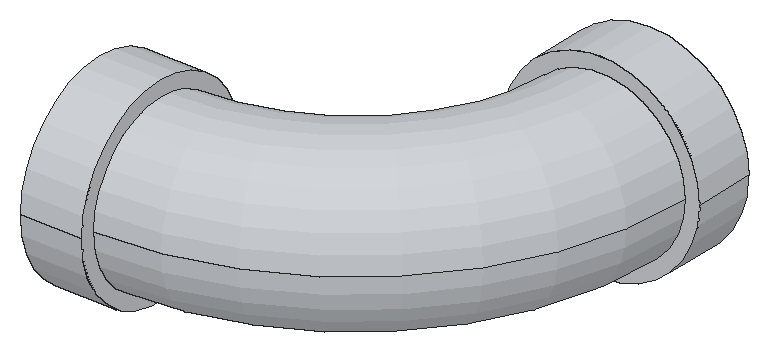
Revit family "M_Curva longa - PVC - Sch 40 - DWV", category Conexões de tubo, Revit 2019
Family settings
  Cota do conector redondo = Usar raio
  Tipo de parte = Cotovelo
  Número OmniClass = 23.60.30.11.14
  Título OmniClass = Pipework Fittings
  ID de item do Seek = Bend Long Sweep - PVC - Sch 40 - DWV-0000-CAN-ENU
  Com base no plano de trabalho = Não
  Sempre na vertical = Sim
  Corte com vazios quando carregada = Não
  Compartilhado = Não
Parameters (values of type "Padrão")
  Espessura da parede [instance] = size_lookup(Nome da tabela de pesquisa, "WThk", 0.02 * Diâmetro nominal + 3.274 mm, Diâmetro nominal)  # 3.962 mm
  Tamanho da marca de revisão [instance] = Diâmetro externo da conexão * 0.4  # 19.304 mm
  Método de perda = Não definido
  Nome da tabela de pesquisa = "M_Bend Long Sweep - PVC - Sch 40 - DWV"
  Comprimento 4 [instance] = Comprimento 1 * sin(Ângulo)  # 87.3 mm
  Comprimento 3 [instance] = Comprimento 1 * cos(Ângulo) + Comprimento 1 - Profundidade do soquete  # 69.85 mm
  Raio externo da conexão [instance] = Diâmetro externo da conexão / 2  # 24.13 mm
  Diâmetro externo da conexão [instance] = size_lookup(Nome da tabela de pesquisa, "FOD", 1.04 * Diâmetro nominal + 9.128 mm, Diâmetro nominal)  # 48.26 mm
  Comprimento 2 [instance] = (Raio externo da conexão + 0.794 mm) * tan(Ângulo / 2) + Profundidade do soquete  # 42.374 mm
  Raio nominal [instance] = 20 mm
  Diâmetro nominal [instance] = Raio nominal * 2  # 40 mm
  Diâmetro da entrada do soquete [instance] = size_lookup(Nome da tabela de pesquisa, "SED", 1.04 * Diâmetro nominal + 9.426 mm, Diâmetro nominal)  # 48.641 mm
  Comprimento 1 [instance] = if(Centro ao final > Raio externo da conexão * tan(Ângulo / 2) + Profundidade do soquete, Centro ao final, Comprimento 2)  # 87.3 mm
  Centro para inferior do soquete [instance] = size_lookup(Nome da tabela de pesquisa, "CtSB", 1.36 * Diâmetro nominal + 8.136 mm, Diâmetro nominal)  # 69.85 mm
  Centro ao final [instance] = Centro para inferior do soquete + Profundidade do soquete  # 87.3 mm
  Raio do centro [instance] = (Comprimento 1 - Profundidade do soquete) / tan(Ângulo / 2)  # 69.85 mm
  Profundidade do soquete [instance] = size_lookup(Nome da tabela de pesquisa, "SDpt", 0.5 * Diâmetro nominal, Diâmetro nominal)  # 17.45 mm
  Raio externo do soquete [instance] = Diâmetro externo do soquete / 2  # 28.283 mm
  Diâmetro externo do soquete [instance] = Diâmetro da entrada do soquete + Espessura da parede * 2  # 56.566 mm
  Assembly Code = ""
  Ângulo [instance] = 90.00°
Reference planes
  plane 1 "Centro (Frente/Trás)": y = 0
  plane 2: z = 0
  plane 3 "Centro (Esquerda/Direita)": x = 0
  plane 4: x = -69.85
  plane 5: x = -87.3
  plane 6: y = 69.85
  plane 7: y = 19.304
  plane 8: y = -19.304
  plane 9: y = 87.3
  plane 10: x = 0
Forms (mm)
  Sweep 1, solid, detail levels fine
    path in 3D
      loop
        arc (-69.85, 0, 0) -> (-20.459, 20.459, 0) -> (0, 69.85, 0) r 69.85
    profile origin (-20.459, 20.459, 0) x (-0.707107, 0.707107, 0) y (0, 0, 1)
      loop
        circle (0, 0) r 24.13
  Sweep 2, solid, detail levels fine
    path in 3D
      loop
        line (-87.3, 0, 0) -> (-69.85, 0, 0)
    profile origin (-78.575, 0, 0) x (0, 1, 0) y (0, 0, 1)
      loop
        circle (0, 0) r 28.283
  Sweep 3, solid, detail levels fine
    path in 3D
      loop
        line (0, 69.85, 0) -> (0, 87.3, 0)
    profile origin (0, 78.575, 0) x (-1, 0, 0) y (0, 0, 1)
      loop
        circle (0, 0) r 28.283
Cuts and joins
  joined: Sweep 1, Sweep 2, Sweep 3
Lines and regions (mm)
  model lines, detail levels coarse+medium
    curve 1: line (-87.3, 0, 0) -> (-69.85, 0, 0)
    curve 2: arc (-69.85, 0, 0) -> (-20.459, 20.459, 0) -> (0, 69.85, 0) r 69.85
    curve 3: line (0, 69.85, 0) -> (0, 87.3, 0)
    curve 8: line (-87.3, 0, 0) -> (-87.3, 19.304, 0)
    curve 9: line (-87.3, 0, 0) -> (-87.3, -19.304, 0)
    curve 10: line (0, 87.3, 0) -> (-19.304, 87.3, 0)
    curve 11: line (0, 87.3, 0) -> (19.304, 87.3, 0)
  sketch lines
    curve 4: arc (-69.85, 0, 0) -> (-20.459, 20.459, 0) -> (0, 69.85, 0) r 69.85
    curve 5: line (-87.3, 0, 0) -> (-69.85, 0, 0)
    curve 6: line (0, 69.85, 0) -> (0, 87.3, 0)
  reference lines
    curve 7: line (-87.3, 0, 0) -> (-69.85, 0, 0)
    curve 12: line (0, 87.3, 0) -> (0, 69.85, 0)
Dimensions and locks
  "Raio do centro": plane 6 to plane 1 "Centro (Frente/Trás)"
  "Profundidade do soquete": plane 5 to plane 4
  "Tamanho da marca de revisão": plane 7 to plane 1 "Centro (Frente/Trás)"
  "Tamanho da marca de revisão": plane 8 to plane 1 "Centro (Frente/Trás)"
  "Profundidade do soquete": curve 3 to curve 3
  "Tamanho da marca de revisão": curve 10 to curve 10
  "Tamanho da marca de revisão": curve 11 to curve 11
  "Comprimento 1": plane 5 to plane 3 "Centro (Esquerda/Direita)"
  "Comprimento 4": plane 9 to plane 1 "Centro (Frente/Trás)"
  "Comprimento 3": plane 4 to plane 10
  "Raio do centro": radius of curve 2
  "Raio externo da conexão": radius of Sweep 1 sketch curve
  "Raio externo do soquete": radius of Sweep 2 sketch curve
  "Raio externo do soquete": radius of Sweep 3 sketch curve
  "Ângulo": angle curve 2 to curve 2
  "Ângulo": angle plane 1 "Centro (Frente/Trás)" to curve 3
  locked: curve 11 to curve 3 (angle 90.00°)
  locked: curve 3 to curve 10 (angle 90.00°)
  "Ângulo": angle plane 9 to curve 12
  aligned and locked: plane 4 to curve 2
  aligned and locked: plane 5 to curve 7
  aligned and locked: plane 1 "Centro (Frente/Trás)" to curve 7
  aligned and locked: plane 7 to curve 8
  aligned and locked: plane 1 "Centro (Frente/Trás)" to curve 9
  aligned and locked: plane 8 to curve 9
  aligned and locked: curve 9 to plane 5
  aligned and locked: plane 10 to curve 12
  aligned and locked: plane 9 to curve 12
Automatic sketch dimensions
  Sweep 1 sketch curve to profile plane = 0 mm  (x2)
  Sweep 2 sketch curve to profile plane = 0 mm  (x2)
  Sweep 3 sketch curve to profile plane = 0 mm  (x2)
  curve 7 to plane 4 = 0 mm
Connectors
  piping at (-87.3, 0, 0), diameter 40, driven by "Ângulo", driven by "Raio nominal"
    settings: on cut or joined group of Sweep 1, Sweep 2, Sweep 3, index 1, connector inside diameter 40 mm, connector length 0 mm, flow factor 0, pipe flow 0.0 L/s, pressure drop 0.0 Pa, fitting loss kfactor 0, connector angle 90.00°, fixture units 0, engagement length 0 mm, angle of deflection 0.00°, flow configuration 0, flow direction 0, fitting loss method 0, system type 28, joint type 0, gender type 0, connector reference index 2, connector utility 0, adjustable connector no, is connector primary yes, connector description ""
  piping at (0, 87.3, 0), diameter 40, driven by "Ângulo", driven by "Raio nominal"
    settings: on cut or joined group of Sweep 1, Sweep 2, Sweep 3, index 2, connector inside diameter 40 mm, connector length 0 mm, flow factor 0, pipe flow 0.0 L/s, pressure drop 0.0 Pa, fitting loss kfactor 0, connector angle 90.00°, fixture units 0, engagement length 0 mm, angle of deflection 0.00°, flow configuration 0, flow direction 0, fitting loss method 0, system type 28, joint type 0, gender type 0, connector reference index 1, connector utility 0, adjustable connector no, is connector primary no, connector description ""
